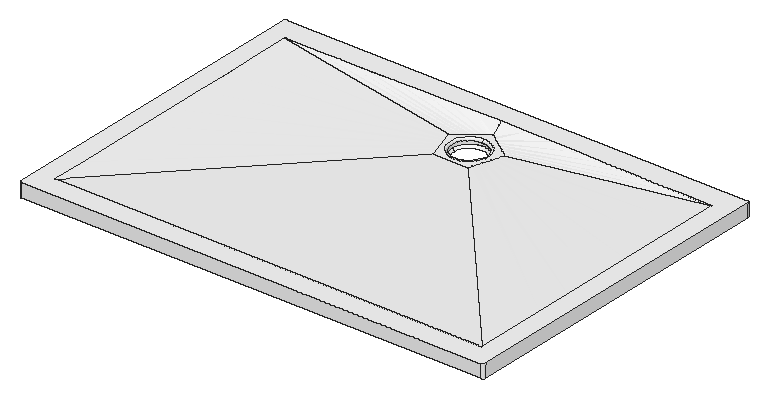
Revit family "IS_UltraFlat_K2551_BIM_DE", category Plumbing Fixtures, host Face, Revit 2016
Family settings
  Host = Face
  Part Type = Normal
  Round Connector Dimension = Use Diameter
  OmniClass Number = 23.45.05.14.21.11
  OmniClass Title = Bath/Shower Units
  Cut with Voids When Loaded = Yes
  Shared = No
  Room Calculation Point = No
Parameters (values of type "K255101 - ULTRA FLAT rectangular shower tray 1400x1000mm")
  WarrantyStartDate = "n/a"
  WarrantyGuarantorParts = "n/a"
  WarrantyGuarantorLabor = "n/a"
  WarrantyDurationUnit = "n/a"
  WarrantyDurationParts = "n/a"
  WarrantyDurationLabor = "n/a"
  WarrantyDescription = "n/a"
  WFU = 0
  VolumeUnits = "Litres"
  Version = "1"
  Uniclass2015Version = "Products v1.1"
  Uniclass2015Title = "Shower trays"
  Uniclass2015Code = "Pr_40_20_06_84"
  URL = "www.idealstandard.de"
  Type Comments = "n/a"
  TagNumber = "n/a"
  SustainabilityPerformance = "n/a"
  Space = "Internal"
  Size = "1400 x 1000 x 40 mm"
  Shape = "Rectangular"
  SerialNumber = "n/a"
  ReplacementCost = "n/a"
  ProductInformation = "www.idealstandard.de"
  PredefinedType = "n/a"
  Phone = "+49228 5210"
  NominalWidth = 1400 mm
  NominalLength = 1000 mm
  NominalHeight = 40 mm
  NominalDepth = 0 mm
  Name = "ISI_IdealStandard_Showers_ULTRA FLAT_K255101"
  ModelReference = "IS Rechteck-Brausewanne ULTRA FLAT, 1400x1000x47mm, Weiß"
  ModelNumber = "K255101"
  Model = "K255101"
  Material = "Sanitary Brass"
  ManufacturerURL = "www.idealstandard.de"
  Manufacturer = "idealstandard.de@idealstandard.com"
  LinearUnits = "millimeters"
  Keynote = ""
  InstallationInstructions = "www.idealstandard.de\\produkte"
  InstallationDate = "1900-12-31T23:59:59"
  Help = "idealstandard.de@idealstandard.com"
  HWFU = 0
  GrossWeight = "34 kg"
  Grade = "n/a"
  Finish = "White"
  Features = "ULTRA FLAT rectangular shower tray 1400x1000mm"
  ExpectedLife = "25"
  DurationUnit = "year"
  DistributedBy = "n/a"
  Description = "Ultra Flat Pdc 140 x 100 Beu"
  Default Elevation = 0 mm
  CurrencyUnit = "€"
  CreatedOn = "42774"
  Cost = 0
  Constituents = "n/a"
  ConnectionType = "Plumbing"
  Color = "White"
  CodePerformance = "DIN EN 14527, DIN EN 249"
  CWFU = 0
  Brand = "Ideal Standard"
  BarCode = "4015413046848"
  BIMObjectName = "ISI_IdealStandard_Showers_ULTRA FLAT_K255101"
  Author = "Ideal Standard"
  AssetType = "Fixed"
  AssetIdentifier = "n/a"
  Assembly Code = "C1030200"
  AreaUnits = "millimeters"
  AreaMeasurement = "n/a"
  Accessories = "www.idealstandard.de\\ersatzteile"
  AccessibilityPerformance = "n/a"
Types (2, lengths in mm): name | Name | ModelReference | ModelNumber | Model | Description | Color | BarCode | BIMObjectName
  K255101 - ULTRA FLAT rectangular shower tray 1400x1000mm | "ISI_IdealStandard_Showers_ULTRA FLAT_K255101" | "IS Rechteck-Brausewanne ULTRA FLAT, 1400x1000x47mm, Weiß" | "K255101" | "K255101" | "Ultra Flat Pdc 140 x 100 Beu" | "White" | "4015413046848" | "ISI_IdealStandard_Showers_ULTRA FLAT_K255101"
  K2551YK - ULTRA FLAT rectangular shower tray 1400x1000mm | "ISI_IdealStandard_Showers_ULTRA FLAT_K2551YK" | "IS Rechteck-Brausewanne ULTRA FLAT, 1400x1000x47mm, Weiß mit Ideal Grip" | "K2551YK" | "K2551YK" | "Ultra Flat Pdc 140 x 100 Weiß mit Ideal Grip" | "White Ideal Grip" | "4015413047517" | "ISI_IdealStandard_Showers_ULTRA FLAT_K2551YK"
Reference planes
  plane 1 "Center (Front/Back)": y = 0
  plane 2: z = 0
  plane 3 "Center (Left/Right)": x = 0
  plane 4: x = 800
  plane 5: x = -800
  plane 6: y = -1000
  plane 7: y = -935
  plane 8: z = 40
  plane 9: x = 700
  plane 10: x = -700
  plane 11: x = -642.5
  plane 12: x = 642.5
  plane 13: y = -180
  plane 14: y = -65
Forms (mm)
  Extrusion 1, solid, material "IS_RenderMaterial_VitreousChina"
    sketch origin (0, 0, 40) x (0, 1, 0) y (-1, 0, 0)
      loop
        arc (0, 692) -> (-2.343, 697.657) -> (-8, 700) r 8
        line (-8, 700) -> (-992, 700)
        arc (-992, 700) -> (-997.657, 697.657) -> (-1000, 692) r 8
        line (-1000, 692) -> (-1000, -692)
        arc (-1000, -692) -> (-997.657, -697.657) -> (-992, -700) r 8
        line (-992, -700) -> (-8, -700)
        arc (-8, -700) -> (-2.343, -697.657) -> (0, -692) r 8
        line (0, -692) -> (0, 692)
    from 0 to -40
  Blend 2, void
    base sketch origin (0, 0, 40) x (-1, 0, 0) y (0, -1, 0)
      loop
        line (642.5, 935) -> (-642.5, 935) -> (-642.5, 70.56) -> (-2.585, 62.566) -> (642.5, 70.56) -> (642.5, 935)
    top sketch origin (0, 0, 40) x (-1, 0, 0) y (0, -1, 0)
      loop
        line (0, 90) -> (85.595, 152.188) -> (52.901, 252.812) -> (-52.901, 252.812) -> (-85.595, 152.188) -> (0, 90)
    from 0 to -25
  Revolve 3, void
    sketch origin (0, 0, 0) x (0, 1, 0) y (0, 0, 1)
      loop
        line (-180, 15) -> (-238, 15)
        arc (-238, 15) -> (-233.757, 13.243) -> (-232, 9) r 6
        line (-232, 9) -> (-232, 0) -> (-180, 0) -> (-180, 15)
      axis (-180, 15) -> (-180, 0)
    angle from 0 to 360
  Revolve 4, solid, material "IS_RenderMaterial_VitreousChina"
    sketch origin (0, -180, -36.27) x (0, 0, -1) y (-1, 0, 0)
      loop
        line (-29.27, 48.976) -> (-36.27, 55.976) -> (-36.27, 52) -> (-29.27, 45) -> (-29.27, 48.976)
      axis (-29.27, 0) -> (-36.27, 0)
    angle from 0 to 360
Cuts and joins
  Blend 2, Revolve 3 cuts Extrusion 1
  joined: Extrusion 1, Revolve 4
Dimensions and locks
  "NominalHeight": plane 8 to level
  "NominalWidth": plane 10 to plane 9
  "NominalLength": plane 6 to plane 1 "Center (Front/Back)"
  aligned and locked: plane 2 to host face
  aligned and locked: level to host face
  aligned and locked: Extrusion 1 to plane 10
  aligned and locked: Extrusion 1 to plane 9
Automatic sketch dimensions
  host sketch curve to host sketch curve = 2438.4 mm  (x2)
  Extrusion 1 sketch curve to plane 6 = 0 mm
  Extrusion 1 sketch curve to plane 9 = 0 mm
  Extrusion 1 sketch curve to plane 10 = 0 mm
  plane 1 "Center (Front/Back)" to Extrusion 1 sketch curve = 0 mm
  plane 6 to Extrusion 1 sketch curve = 8 mm  (x2)
  plane 1 "Center (Front/Back)" to Extrusion 1 sketch curve = 8 mm  (x2)
  Blend 2 sketch curve to Extrusion 1 = 57.5 mm  (x2)
  Blend 2 sketch curve to Extrusion 1 = 62.566 mm
  Blend 2 sketch curve to Blend 2 sketch curve = 639.915 mm
  Blend 2 sketch curve to Extrusion 1 = 70.56 mm  (x2)
  Blend 2 sketch curve to Extrusion 1 = 65 mm
  Blend 2 sketch curve to Extrusion 1 = 152.188 mm  (x2)
  Blend 2 sketch curve to Extrusion 1 = 614.405 mm
  Blend 2 sketch curve to Extrusion 1 = 252.812 mm
  Blend 2 sketch curve to Blend 2 sketch curve = 32.694 mm  (x2)
  Blend 2 sketch curve to Extrusion 1 = 90 mm
  Blend 2 sketch curve to Blend 2 sketch curve = 85.595 mm
  Blend 2 sketch curve to Blend 2 sketch curve = 105.801 mm
  Revolve 3 sketch curve to level = 0 mm
  Revolve 3 sketch curve to plane 13 = 0 mm  (x2)
  Revolve 3 sketch curve to plane 13 = 52 mm
  Revolve 3 sketch curve to Revolve 3 sketch curve = 6 mm
  Revolve 3 sketch curve to Revolve 3 sketch curve = 9 mm
  Revolve 3 sketch curve to level = 18.431 mm
  Revolve 3 sketch curve to Revolve 3 sketch curve = 3.824 mm
  Revolve 4 sketch curve to level = 0 mm  (x2)
  Revolve 4 sketch curve to plane 3 "Center (Left/Right)" = 0 mm
  Revolve 4 sketch curve to level = 7 mm
  Revolve 4 sketch curve to plane 3 "Center (Left/Right)" = 45 mm
  Revolve 4 sketch curve to Revolve 4 sketch curve = 3.976 mm  (x2)
  Revolve 4 sketch curve to Revolve 4 sketch curve = 3.024 mm
  Revolve 4 sketch curve to level = 12 mm
Connectors
  piping at (0, -180, -7), diameter 90
    settings: on cut or joined group of Extrusion 1, Blend 2, Revolve 3, Revolve 4, index 1, connector inside diameter 609.6 mm, connector length 0 mm, flow factor 0, pipe flow 0.0 L/s, pressure drop 0.0 Pa, fitting loss kfactor 0, connector angle 0.00°, fixture units 0, engagement length 0 mm, angle of deflection 0.00°, flow configuration 2, flow direction 2, fitting loss method 0, system type 16, joint type 0, gender type 0, connector reference index -1, connector utility 0, adjustable connector no, is connector primary yes, connector description ""
